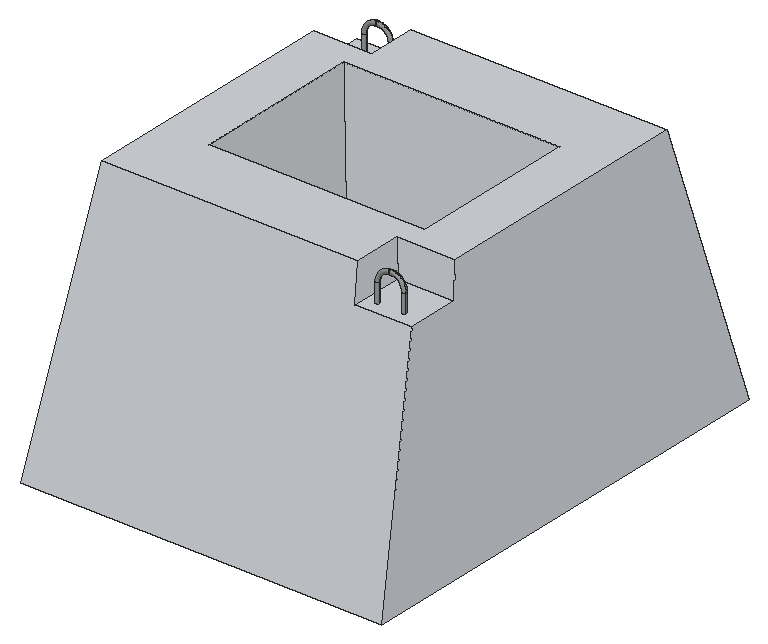
Revit family "Опора фундаментная ФО-2", category Обобщенные модели, Revit 2023
Family settings
  Может служить основой для арматурных стержней = Нет
  Размер круглого соединителя = Использовать диаметр
  Тип детали = Нормальный
  На основе рабочей плоскости = Нет
  Всегда вертикально = Да
  При загрузке вырезать с полостями = Нет
  Сохранять ориентацию аннотаций = Нет
  Общий = Нет
  Точка принадлежности помещению = Нет
Parameters (values of type "Опора фундаментная ФО-2")
  ширина_петли = 55 mm
  высота_петли = 66 mm
  Ширина колодца по низу = 260 mm
  Ширина колодца по верху = 350 mm
  Ширина выемки петли = 110 mm
  Фаска = 15 mm
  Скос выемки петли = 10 mm
  Расстояние между петлями = 628 mm
  Размер_Ширина по верху = 650 mm
  Размер_Длина по верху = 650 mm
  Отступ подошвы выемки петли по ширине = ((ADSK_Размер_Высота - Глубина выемки петли) * i боковушки по ширине) + Ширина выемки петли  # 240.909 mm
  Отступ петли = 110 mm
  Отметка по умолчанию = 0 mm
  Длина колодца по низу = 360 mm
  Длина колодца по верху = 450 mm
  Длина выемки петли = 160 mm
  Глубина колодца = 450 mm
  Глубина выемки петли = 70 mm
  i боковушки по ширине = ((ADSK_Размер_Ширина - Размер_Ширина по верху) / 2) / ADSK_Размер_Высота  # 0.27273
  ADSK_Размер_Ширина = 950 mm
  ADSK_Размер_Длина = 750 mm
  ADSK_Размер_Высота = 550 mm
Reference planes
  plane 1 "По центру (Вперед/Назад)": y = 0
  plane 2: z = 0
  plane 3 "По центру (Влево/Вправо)": x = 0
  plane 4: y = -475
  plane 5: y = 475
  plane 6: z = 550
  plane 7: x = 375
  plane 8: x = -375
  plane 9: y = 314
  plane 10: y = -314
  plane 11: y = 175
  plane 12: y = -175
  plane 13: x = -225
  plane 14: x = -180
  plane 15: x = 180
  plane 16: x = 225
  plane 17: y = 130
  plane 18: y = -130
  plane 19: y = 325
  plane 20: y = -325
  plane 21: x = -325
  plane 22: x = 325
  plane 23: z = 100
  plane 24: x = -265
  plane 25: x = 265
  plane 26: z = 480
  plane 27: x = 215
  plane 28: x = -215
  plane 29: y = 234.091
  plane 30: y = -234.091
Forms (mm)
  Blend 1, solid
    base sketch origin (0, 0, 0) x (1, 0, 0) y (0, 1, 0)
      loop
        line (-375, 475) -> (-375, -475) -> (375, -475) -> (375, 475) -> (-375, 475)
    top sketch origin (0, 0, 0) x (1, 0, 0) y (0, 1, 0)
      loop
        line (-325, 325) -> (-325, -325) -> (325, -325) -> (325, 325) -> (-325, 325)
    from 0 to 550
  Blend 2, void
    base sketch origin (0, 0, 0) x (1, 0, 0) y (0, 1, 0)
      loop
        line (-180, 130) -> (-180, -130) -> (180, -130) -> (180, 130) -> (-180, 130)
    top sketch origin (0, 0, 0) x (1, 0, 0) y (0, 1, 0)
      loop
        line (-225, 175) -> (-225, -175) -> (225, -175) -> (225, 175) -> (-225, 175)
    from 100 to 550
  Blend 3, void
    base sketch origin (0, 0, 0) x (1, 0, 0) y (0, 1, 0)
      loop
        line (215, -234.091) -> (215, -475) -> (375, -475) -> (375, -234.091) -> (215, -234.091)
    top sketch origin (0, 0, 0) x (1, 0, 0) y (0, 1, 0)
      loop
        line (205, -224.091) -> (205, -475) -> (375, -475) -> (375, -224.091) -> (205, -224.091)
    from 480 to 550
  Blend 4, void
    base sketch origin (0, 0, 0) x (1, 0, 0) y (0, 1, 0)
      loop
        line (-215, 234.091) -> (-215, 475) -> (-375, 475) -> (-375, 234.091) -> (-215, 234.091)
    top sketch origin (0, 0, 0) x (1, 0, 0) y (0, 1, 0)
      loop
        line (-205, 224.091) -> (-205, 475) -> (-375, 475) -> (-375, 224.091) -> (-205, 224.091)
    from 480 to 550
Cuts and joins
  Blend 2, Blend 3, Blend 4 cuts Blend 1
Dimensions and locks
  equal spacing: plane 4, plane 1 "По центру (Вперед/Назад)", plane 5
  "ADSK_Размер_Ширина": plane 4 to plane 5
  equal spacing: plane 8, plane 3 "По центру (Влево/Вправо)", plane 7
  "ADSK_Размер_Длина": plane 8 to plane 7
  equal spacing: plane 9, plane 1 "По центру (Вперед/Назад)", plane 10
  "Расстояние между петлями": plane 9 to plane 10
  equal spacing: plane 12, plane 1 "По центру (Вперед/Назад)", plane 11
  "Ширина колодца по верху": plane 12 to plane 11
  equal spacing: plane 14, plane 3 "По центру (Влево/Вправо)", plane 15
  equal spacing: plane 13, plane 3 "По центру (Влево/Вправо)", plane 16
  "Длина колодца по низу": plane 14 to plane 15
  "Длина колодца по верху": plane 13 to plane 16
  equal spacing: plane 18, plane 1 "По центру (Вперед/Назад)", plane 17
  "Ширина колодца по низу": plane 18 to plane 17
  equal spacing: plane 21, plane 3 "По центру (Влево/Вправо)", plane 22
  "Размер_Длина по верху": plane 21 to plane 22
  equal spacing: plane 20, plane 1 "По центру (Вперед/Назад)", plane 19
  "Размер_Ширина по верху": plane 20 to plane 19
  "ADSK_Размер_Высота": plane 6 to level
  "Глубина колодца": plane 6 to plane 23
  "Отступ петли": plane 8 to plane 24
  "Отступ петли": plane 25 to plane 7
  "Глубина выемки петли": plane 6 to plane 26
  "Длина выемки петли": plane 27 to plane 7
  "Длина выемки петли": plane 8 to plane 28
  "Отступ подошвы выемки петли по ширине": plane 4 to plane 30
  "Отступ подошвы выемки петли по ширине": plane 29 to plane 5
  "Скос выемки петли": Blend 3 sketch curve to plane 30
  "Скос выемки петли": Blend 3 sketch curve to plane 27
  "Скос выемки петли": plane 29 to Blend 4 sketch curve
  "Скос выемки петли": plane 28 to Blend 4 sketch curve
  aligned and locked: level to plane 2
  aligned and locked: plane 9 to nested 2
  aligned and locked: plane 10 to nested 1
  aligned and locked: plane 5 to Blend 1 sketch curve
  aligned and locked: plane 8 to Blend 1 sketch curve
  aligned and locked: Blend 1 sketch curve to plane 4
  aligned and locked: Blend 1 sketch curve to plane 7
  aligned and locked: plane 19 to Blend 1 sketch curve
  aligned and locked: plane 21 to Blend 1 sketch curve
  aligned and locked: Blend 1 sketch curve to plane 20
  aligned and locked: Blend 1 sketch curve to plane 22
  aligned and locked: Blend 1 to level
  aligned and locked: plane 6 to Blend 1
  aligned and locked: plane 17 to Blend 2 sketch curve
  aligned and locked: plane 14 to Blend 2 sketch curve
  aligned and locked: Blend 2 sketch curve to plane 18
  aligned and locked: Blend 2 sketch curve to plane 15
  aligned and locked: plane 11 to Blend 2 sketch curve
  aligned and locked: plane 13 to Blend 2 sketch curve
  aligned and locked: Blend 2 sketch curve to plane 12
  aligned and locked: Blend 2 sketch curve to plane 16
  aligned and locked: Blend 2 to plane 23
  aligned and locked: plane 6 to cut or joined group of Blend 1, Blend 2, Blend 3, Blend 4  (x2)
  aligned and locked: nested 1 to plane 25
  aligned and locked: nested 2 to plane 24
  aligned and locked: Blend 3 sketch curve to plane 30
  aligned and locked: plane 27 to Blend 3 sketch curve
  aligned and locked: Blend 3 sketch curve to plane 4  (x2)
  aligned and locked: Blend 3 sketch curve to plane 7  (x2)
  aligned and locked: plane 26 to Blend 3
  aligned and locked: plane 6 to Blend 3
  aligned and locked: plane 29 to Blend 4 sketch curve
  aligned and locked: Blend 4 sketch curve to plane 28
  aligned and locked: plane 5 to Blend 4 sketch curve  (x2)
  aligned and locked: plane 8 to Blend 4 sketch curve  (x2)
  aligned and locked: plane 26 to cut or joined group of Blend 1, Blend 2, Blend 3, Blend 4
Nested families
  nested 1: "Строповочная петля" at (265, -314, 480) x (-1, 0, 0) z (0, 0, 1), type "Строповочная петля"
    with ширина_петли 55 mm, Высота_петли 66 mm
  nested 2: "Строповочная петля" at (-265, 314, 480) x (-1, 0, 0) z (0, 0, 1), type "Строповочная петля"
    with ширина_петли 55 mm, Высота_петли 66 mm
Definition of nested family "Строповочная петля"
  Parameters (values of type "Строповочная петля")
    ширина_петли = 40 mm
    Default Elevation = 1219.2 mm
    Высота_петли = 110 mm
  Types (3, lengths in mm): name | ширина_петли | Высота_петли
    Строповочная петля | 40 | 110
    Строповочная петля 80x65 | 80 | 65
    Строповочная петля 80x70 | 80 | 70
  Reference planes
    plane 1 "По центру (Вперед/Назад)": y = 0
    plane 2: z = 0
    plane 3 "По центру (Влево/Вправо)": x = 0
    plane 4: z = 110
    plane 5: x = -20
    plane 6: x = 20
  Forms (mm)
    Sweep 1, solid
      path origin (0, 0, 0) x (1, 0, 0) y (0, 0, 1)
        loop
          line (-20, 0) -> (-20, 91)
          arc (-20, 91) -> (-14.435, 104.435) -> (-1, 110) r 19
          line (-1, 110) -> (1, 110)
          arc (1, 110) -> (14.435, 104.435) -> (20, 91) r 19
          line (20, 91) -> (20, 0)
      profile origin (-20, 0, 45.5) x (-1, 0, 0) y (0, -1, 0)
        loop
          circle (0, 0) r 4
  Dimensions and locks
    "Высота_петли": plane 4 to level
    equal spacing: plane 6, plane 3 "По центру (Влево/Вправо)", plane 5
    "ширина_петли": plane 6 to plane 5
    aligned and locked: level to plane 2
    aligned and locked: plane 5 to Sweep 1 sketch curve
    aligned and locked: Sweep 1 sketch curve to plane 4
    aligned and locked: Sweep 1 sketch curve to plane 6
  Automatic sketch dimensions
    Sweep 1 sketch curve to level = 0 mm  (x2)
    plane 3 "По центру (Влево/Вправо)" to Sweep 1 sketch curve = 1 mm
    plane 1 "По центру (Вперед/Назад)" to Sweep 1 sketch curve = 0 mm
    Sweep 1 sketch curve to profile plane = 0 mm
    Sweep 1 sketch curve to plane 5 = 0 mm
    Sweep 1 sketch curve to plane 3 "По центру (Влево/Вправо)" = 1 mm
    radius of Sweep 1 sketch curve = 4 mm
